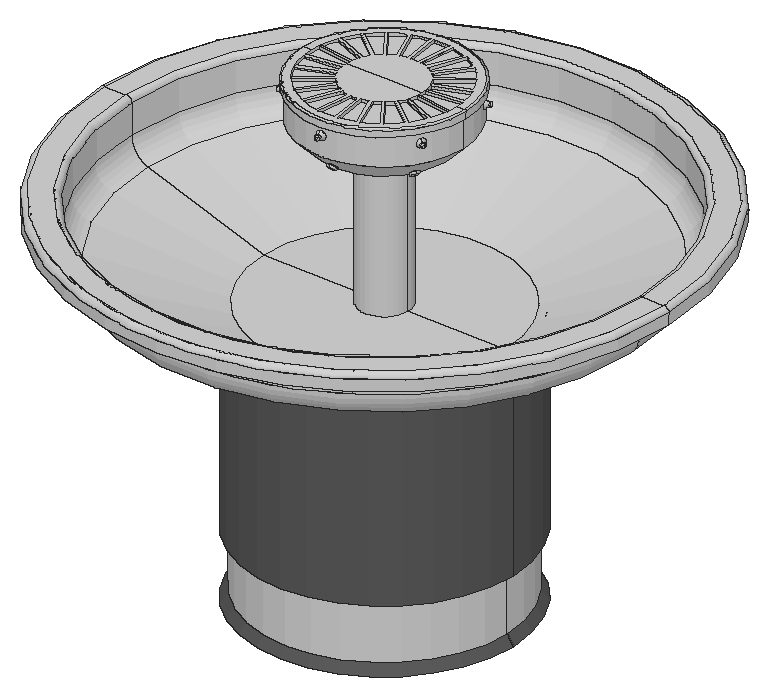
Revit family "Circular_Wash_Fountain-Six_Station-Acorn-3508DBS_Series", category Plumbing Fixtures, host Face, Revit 2021
Family settings
  Host = Face
  Round Connector Dimension = Use Diameter
  Part Type = Normal
  OmniClass Number = 23.45.05.14.14
  OmniClass Title = Sinks/Lavatories
  Cut with Voids When Loaded = No
  Shared = Yes
  Room Calculation Point = No
Parameters (values of type "3508-DBS-3-H")
  Waste Outlet Height (Dim A) = 16 1/2"  # constant formula
  Waste Connection Diameter = 2"
  Waste Connection = yes
  WFU = 3  # constant formula
  Vent Connection = no
  URL = "http://www.acorneng.com"
  Type Comments = "Island Circular, Six Station"
  TT - Top Supply; Vent Thru-Fixture = no
  TS- Single-Fold Paper Towel Dispenser = no
  TO - Top Supply; Vent Off Drain = no
  TM- C or Multi-Fold Paper Towel Dispenser = no
  ST- Single Temperature Valve = no
  SPX- 16 Gage Stainless Steel Housing = no
  SO-BAT- Sensor Operation (Batteries Not Included) = no
  SO - Sensor Operation = no
  SC - Supply Cover, Ceiling Height_______ = no
  Product Page URL = "https://www.acorneng.com/6-css-wash-fountain-3506dbs"
  Product Documentation Link = "https://www.acorneng.com/uploads/fileLibrary/3506-DBS.pdf?v=638914744064084671"
  PPZ Programmable Piezo Pushbutton Electronic Metering = no
  PDM Metering Liquid Soap Dispenser = no
  PCB Pipe Column Brace (Pipe By Others) = no
  Model = "3508-DBS-3-H"
  Minimum Operating Pressure = "A minimum of 30 PSI supply pressure is required"  # constant formula
  Material = "Stainless Steel-Acorn-Satin"
  Manufacturer = "Acorn Engineering"
  JH31 - 31" Junior Rim Height = no
  Installation Type = "Floor Mounted"  # constant formula
  Installation Instruction Link = "https://www.acorneng.com/uploads/fileLibrary/350601.pdf?v=638914744064084671"
  Inlet Connection Diameter = 1/2"
  Height = 44"  # constant formula
  HWFU = 2  # constant formula
  HW Connection = yes
  HB- Hose Bibb, Specify; Left or Right = no
  H- Hand Operation = yes
  Flow Rate = "0.5 GPM"  # constant formula
  Finish = Stainless Steel-Acorn-Satin
  F - Foot Operation = no
  EG - Enviro-Glaze Color, Bowl and Sprayhead (Specify) = no
  Dimension B = 24 1/2"
  Dimension A = 23 1/4"
  Diameter = 54"  # constant formula
  Description = "Six Station, 9 in. Deep Bowl, Circular Wash Fountain"  # constant formula
  Default Elevation = 0"
  DV- Liquid/ Lotion Soap Dispenser = no
  DP- Metering Powder Soap Dispenser = no
  CWFU = 2  # constant formula
  CW Connection = yes
  Bowl Depth = 9"
  Base Material = Galvanized Steel-Acorn-Black Vinylclad
  BT - Bottom Supply; Vent Thru-Fixture = no
  BO - Bottom Supply; Vent Off-Drain = no
  Assembly Code = "D2010600"
  3 On-Floor, Floor Outlet = yes
Types (3): name | Type Comments | Model | F - Foot Operation | Dimension B | Dimension A
  (no name) | "Island Circular, Six Station" | "3508-DBS-3-H" | no | 24 1/2" | 23 1/4"
  3508-DBS-3-H | "Island Circular, Six Station" | "3508-DBS-3-H" | no | 24 1/2" | 23 1/4"
  3508-DBS-3-H-F | "Island Circular, Six Station, Foot Operation" | "3508-DBS-3-H-F" | yes | 45 3/8" | 34 3/8"
Reference planes (in)
  plane 1 "Center (Front/Back)": y = 0
  plane 2: z = 0
  plane 3 "Center (Left/Right)": x = 0
  plane 4: z = 29.5
  plane 5: z = 34
  plane 6: z = 44
  plane 7: z = 25
  plane 8: x = -11.625
  plane 9: x = 11.625
  plane 10: x = -12.25
  plane 11: x = 12.25
  plane 12: x = -22.6875
  plane 13: x = 22.6875
  plane 14: x = 27
  plane 15: x = -27
  plane 16: z = 16.5
  plane 17: z = 16
  plane 18: y = -2
  plane 19: x = -0.625
  plane 20: x = 0.625
Forms (in)
  Extrusion 1, void
    sketch origin (0, 9.97248, 53.85296) x (0, -1, 0) y (1, 0, 0)
      loop
        arc (3.09874, 0) -> (3.10911, -0.37825) -> (3.1402, -0.75537) r 6.90126
        line (3.1402, -0.75537) -> (6.41052, -0.32482)
        arc (6.41052, -0.32482) -> (6.39591, 0.01899) -> (6.41415, 0.36264) r 3.60414
        line (6.41415, 0.36264) -> (3.14446, 0.7931)
        arc (3.14446, 0.7931) -> (3.11018, 0.39721) -> (3.09874, 0) r 6.90126
      loop
        line (16.85496, 0.79806) -> (13.58535, 0.3676)
        arc (13.58535, 0.3676) -> (13.60409, 0.01899) -> (13.58902, -0.32979) r 3.60414
        line (13.58902, -0.32979) -> (16.85925, -0.76033)
        arc (16.85925, -0.76033) -> (16.90123, 0.01898) -> (16.85496, 0.79806) r 6.90126
      loop
        line (13.55124, 0.61527) -> (16.82156, 1.04581)
        arc (16.82156, 1.04581) -> (16.66005, 1.80862) -> (16.41353, 2.54833) r 6.90126
        line (16.41353, 2.54833) -> (13.36678, 1.28633)
        arc (13.36678, 1.28633) -> (13.47524, 0.95526) -> (13.55124, 0.61527) r 3.60414
      loop
        line (13.26951, 1.51663) -> (16.31702, 2.77896)
        arc (16.31702, 2.77896) -> (15.96367, 3.47305) -> (15.53435, 4.1229) r 6.90126
        line (15.53435, 4.1229) -> (12.91807, 2.11536)
        arc (12.91807, 2.11536) -> (13.10824, 1.82448) -> (13.26951, 1.51663) r 3.60414
      loop
        line (12.7644, 2.31256) -> (15.38139, 4.32065)
        arc (15.38139, 4.32065) -> (14.86092, 4.89886) -> (14.27869, 5.41481) r 6.90126
        line (14.27869, 5.41481) -> (12.27115, 2.79853)
        arc (12.27115, 2.79853) -> (12.52947, 2.56742) -> (12.7644, 2.31256) r 3.60414
      loop
        line (12.07167, 2.94924) -> (14.07976, 5.56623)
        arc (14.07976, 5.56623) -> (13.42817, 5.98957) -> (12.73313, 6.33699) r 6.90126
        line (12.73313, 6.33699) -> (11.47112, 3.29023)
        arc (11.47112, 3.29023) -> (11.77958, 3.13415) -> (12.07167, 2.94924) r 3.60414
      loop
        line (11.23949, 3.3843) -> (12.50181, 6.43182)
        arc (12.50181, 6.43182) -> (11.76374, 6.67208) -> (11.00337, 6.82793) r 6.90126
        line (11.00337, 6.82793) -> (10.57291, 3.55832)
        arc (10.57291, 3.55832) -> (10.91037, 3.48727) -> (11.23949, 3.3843) r 3.60414
      loop
        line (10.32486, 3.58947) -> (10.7554, 6.85979)
        arc (10.7554, 6.85979) -> (9.98105, 6.90123) -> (9.20694, 6.85554) r 6.90126
        line (9.20694, 6.85554) -> (9.63741, 3.58586)
        arc (9.63741, 3.58586) -> (9.98104, 3.60409) -> (10.32486, 3.58947) r 3.60414
      loop
        line (9.38969, 3.55209) -> (8.95916, 6.82232)
        arc (8.95916, 6.82232) -> (8.20089, 6.66263) -> (7.46531, 6.41894) r 6.90126
        line (7.46531, 6.41894) -> (8.7274, 3.37199)
        arc (8.7274, 3.37199) -> (9.05425, 3.47784) -> (9.38969, 3.55209) r 3.60414
      loop
        line (8.4967, 3.27566) -> (7.23449, 6.32292)
        arc (7.23449, 6.32292) -> (6.54338, 5.97321) -> (5.89582, 5.54825) r 6.90126
        line (5.89582, 5.54825) -> (7.90357, 2.9317)
        arc (7.90357, 2.9317) -> (8.19194, 3.11781) -> (8.4967, 3.27566) r 3.60414
      loop
        line (7.70538, 2.77931) -> (5.69756, 5.39596)
        arc (5.69756, 5.39596) -> (5.12009, 4.87995) -> (4.60407, 4.30248) r 6.90126
        line (4.60407, 4.30248) -> (7.22072, 2.29466)
        arc (7.22072, 2.29466) -> (7.45151, 2.54853) -> (7.70538, 2.77931) r 3.60414
      loop
        line (7.06834, 2.09647) -> (4.45178, 4.10422)
        arc (4.45178, 4.10422) -> (4.02682, 3.45666) -> (3.6771, 2.76556) r 6.90126
        line (3.6771, 2.76556) -> (6.72436, 1.50334)
        arc (6.72436, 1.50334) -> (6.88221, 1.80811) -> (7.06834, 2.09647) r 3.60414
      loop
        line (6.62803, 1.27265) -> (3.58108, 2.53474)
        arc (3.58108, 2.53474) -> (3.33738, 1.79915) -> (3.17769, 1.04088) r 6.90126
        line (3.17769, 1.04088) -> (6.44791, 0.61035)
        arc (6.44791, 0.61035) -> (6.52217, 0.9458) -> (6.62803, 1.27265) r 3.60414
      loop
        line (6.44168, -0.57288) -> (3.17206, -1.00333)
        arc (3.17206, -1.00333) -> (3.32792, -1.76372) -> (3.56817, -2.50179) r 6.90126
        line (3.56817, -2.50179) -> (6.61569, -1.23947)
        arc (6.61569, -1.23947) -> (6.51272, -0.91034) -> (6.44168, -0.57288) r 3.60414
      loop
        line (6.70976, -1.4711) -> (3.66301, -2.73311)
        arc (3.66301, -2.73311) -> (4.01042, -3.42816) -> (4.43377, -4.07976) r 6.90126
        line (4.43377, -4.07976) -> (7.05076, -2.07167)
        arc (7.05076, -2.07167) -> (6.86584, -1.77957) -> (6.70976, -1.4711) r 3.60414
      loop
        line (7.20147, -2.27114) -> (4.58518, -4.27869)
        arc (4.58518, -4.27869) -> (5.10114, -4.86092) -> (5.67935, -5.38139) r 6.90126
        line (5.67935, -5.38139) -> (7.68744, -2.7644)
        arc (7.68744, -2.7644) -> (7.43258, -2.52947) -> (7.20147, -2.27114) r 3.60414
      loop
        line (7.88465, -2.91807) -> (5.8771, -5.53436)
        arc (5.8771, -5.53436) -> (6.52696, -5.96367) -> (7.22106, -6.31703) r 6.90126
        line (7.22106, -6.31703) -> (8.48339, -3.26951)
        arc (8.48339, -3.26951) -> (8.17554, -3.10824) -> (7.88465, -2.91807) r 3.60414
      loop
        line (8.71369, -3.36679) -> (7.45169, -6.41354)
        arc (7.45169, -6.41354) -> (8.19141, -6.66006) -> (8.95422, -6.82156) r 6.90126
        line (8.95422, -6.82156) -> (9.38476, -3.55124)
        arc (9.38476, -3.55124) -> (9.04477, -3.47525) -> (8.71369, -3.36679) r 3.60414
      loop
        line (9.63243, -3.58535) -> (9.20198, -6.85496)
        arc (9.20198, -6.85496) -> (9.98105, -6.90123) -> (10.76037, -6.85924) r 6.90126
        line (10.76037, -6.85924) -> (10.32984, -3.58902)
        arc (10.32984, -3.58902) -> (9.98105, -3.60409) -> (9.63243, -3.58535) r 3.60414
      loop
        line (10.57785, -3.55752) -> (11.00831, -6.8272)
        arc (11.00831, -6.8272) -> (11.77324, -6.66956) -> (12.51547, -6.42649) r 6.90126
        line (12.51547, -6.42649) -> (11.25325, -3.37923)
        arc (11.25325, -3.37923) -> (10.91988, -3.48478) -> (10.57785, -3.55752) r 3.60414
      loop
        line (11.48449, -3.28422) -> (12.74658, -6.33117)
        arc (12.74658, -6.33117) -> (13.44464, -5.98012) -> (14.09854, -5.55242) r 6.90126
        line (14.09854, -5.55242) -> (12.09072, -2.93577)
        arc (12.09072, -2.93577) -> (11.79608, -3.12473) -> (11.48449, -3.28422) r 3.60414
      loop
        line (12.28921, -2.78377) -> (14.29696, -5.40033)
        arc (14.29696, -5.40033) -> (14.87995, -4.87991) -> (15.40036, -4.29692) r 6.90126
        line (15.40036, -4.29692) -> (12.78381, -2.28916)
        arc (12.78381, -2.28916) -> (12.54853, -2.54849) -> (12.28921, -2.78377) r 3.60414
      loop
        line (12.9358, -2.09068) -> (15.55245, -4.0985)
        arc (15.55245, -4.0985) -> (15.98015, -3.44459) -> (16.33119, -2.74653) r 6.90126
        line (16.33119, -2.74653) -> (13.28424, -1.48445)
        arc (13.28424, -1.48445) -> (13.12476, -1.79603) -> (12.9358, -2.09068) r 3.60414
      loop
        line (13.37925, -1.2532) -> (16.42651, -2.51542)
        arc (16.42651, -2.51542) -> (16.66957, -1.7732) -> (16.82721, -1.00827) r 6.90126
        line (16.82721, -1.00827) -> (13.55753, -0.57781)
        arc (13.55753, -0.57781) -> (13.48479, -0.91983) -> (13.37925, -1.2532) r 3.60414
    from -9.85296 to -10.08144
  Revolve 2, solid, material "Stainless Steel-Acorn-Satin" <- "Finish"
    sketch origin (0, 0, 0) x (1, 0, 0) y (0, 0, 1)
      loop
        line (-24.5, 34) -> (-26.5, 34)
        arc (-26.5, 34) -> (-26.85355, 33.85355) -> (-27, 33.5) r 0.5
        line (-27, 33.5) -> (-27, 32.5) -> (-24.25, 32.5) -> (-24.25, 30.73423)
        arc (-24.25, 30.73423) -> (-23.77376, 29.26645) -> (-22.52648, 28.35788) r 2.5
        line (-22.52648, 28.35788) -> (-12.25, 25) -> (-12.25, 6) -> (-11.625, 6) -> (-11.625, 0.86517) -> (-12.25, 0) -> (0, 0) -> (0, 16.5) -> (-1, 16.5) -> (-1, 16.75) -> (0, 16.75) -> (0, 44) -> (-7.62339, 44)
        arc (-7.62339, 44) -> (-7.71177, 43.96339) -> (-7.74839, 43.875) r 0.125
        line (-7.74839, 43.875) -> (-7.74839, 43.30768) -> (-7.49839, 43.30768) -> (-7.49839, 40.64992) -> (-5.80384, 38.95537) -> (-3, 38.95537)
        arc (-3, 38.95537) -> (-2.46967, 38.7357) -> (-2.25, 38.20537) r 0.75
        line (-2.25, 38.20537) -> (-2.25, 25) -> (-11.44509, 25) -> (-22.44883, 28.59551)
        arc (-22.44883, 28.59551) -> (-23.57138, 29.41323) -> (-24, 30.73423) r 2.25
        line (-24, 30.73423) -> (-24, 33.5)
        arc (-24, 33.5) -> (-24.14645, 33.85355) -> (-24.5, 34) r 0.5
      axis (0, 44) -> (0, 0)
    angle from 0 to 360
  Revolve 3, solid, material "Stainless Steel-Acorn-Satin" <- "Finish"
    sketch origin (0, 0.07812, 0) x (0, 1, 0) y (0, 0, 1)
      loop
        line (7.75563, 42.65045) -> (7.40837, 42.85094) -> (7.24426, 42.85094) -> (7.24426, 42.44996) -> (7.99426, 42.44996) -> (7.99426, 42.58509)
        arc (7.99426, 42.58509) -> (7.97511, 42.6313) -> (7.9289, 42.65045) r 0.06536
        line (7.9289, 42.65045) -> (7.75563, 42.65045)
      axis (7.99426, 42.44996) -> (7.24426, 42.44996)
    angle from 0 to 360
  Revolve 4, solid, material "Stainless Steel-Acorn-Satin" <- "Finish"
    sketch origin (0.06766, 0.03906, 0) x (0.866025, 0.5, 0) y (0, 0, 1)
      loop
        line (7.75563, 42.65045) -> (7.40837, 42.85094) -> (7.24426, 42.85094) -> (7.24426, 42.44996) -> (7.99426, 42.44996) -> (7.99426, 42.58509)
        arc (7.99426, 42.58509) -> (7.97511, 42.6313) -> (7.9289, 42.65045) r 0.06536
        line (7.9289, 42.65045) -> (7.75563, 42.65045)
      axis (7.99426, 42.44996) -> (7.24426, 42.44996)
    angle from 0 to 360
  Revolve 5, solid, material "Stainless Steel-Acorn-Satin" <- "Finish"
    sketch origin (0.06766, -0.03906, 0) x (0.866025, -0.5, 0) y (0, 0, -1)
      loop
        line (7.75563, -42.65045) -> (7.9289, -42.65045)
        arc (7.9289, -42.65045) -> (7.97511, -42.6313) -> (7.99426, -42.58509) r 0.06536
        line (7.99426, -42.58509) -> (7.99426, -42.44996) -> (7.24426, -42.44996) -> (7.24426, -42.85094) -> (7.40837, -42.85094) -> (7.75563, -42.65045)
      axis (7.99426, -42.44996) -> (7.24426, -42.44996)
    angle from 0 to 360
  Revolve 6, solid, material "Stainless Steel-Acorn-Satin" <- "Finish"
    sketch origin (0, -0.07812, 0) x (0, -1, 0) y (0, 0, -1)
      loop
        line (7.75563, -42.65045) -> (7.9289, -42.65045)
        arc (7.9289, -42.65045) -> (7.97511, -42.6313) -> (7.99426, -42.58509) r 0.06536
        line (7.99426, -42.58509) -> (7.99426, -42.44996) -> (7.24426, -42.44996) -> (7.24426, -42.85094) -> (7.40837, -42.85094) -> (7.75563, -42.65045)
      axis (7.99426, -42.44996) -> (7.24426, -42.44996)
    angle from 0 to 360
  Revolve 7, solid, material "Stainless Steel-Acorn-Satin" <- "Finish"
    sketch origin (-0.06766, 0.03906, 0) x (-0.866025, 0.5, 0) y (0, 0, -1)
      loop
        line (7.75563, -42.65045) -> (7.9289, -42.65045)
        arc (7.9289, -42.65045) -> (7.97511, -42.6313) -> (7.99426, -42.58509) r 0.06536
        line (7.99426, -42.58509) -> (7.99426, -42.44996) -> (7.24426, -42.44996) -> (7.24426, -42.85094) -> (7.40837, -42.85094) -> (7.75563, -42.65045)
      axis (7.99426, -42.44996) -> (7.24426, -42.44996)
    angle from 0 to 360
  Revolve 8, solid, material "Stainless Steel-Acorn-Satin" <- "Finish"
    sketch origin (-0.06766, -0.03906, 0) x (-0.866025, -0.5, 0) y (0, 0, 1)
      loop
        line (7.75563, 42.65045) -> (7.40837, 42.85094) -> (7.24426, 42.85094) -> (7.24426, 42.44996) -> (7.99426, 42.44996) -> (7.99426, 42.58509)
        arc (7.99426, 42.58509) -> (7.97511, 42.6313) -> (7.9289, 42.65045) r 0.06536
        line (7.9289, 42.65045) -> (7.75563, 42.65045)
      axis (7.99426, 42.44996) -> (7.24426, 42.44996)
    angle from 0 to 360
  Revolve 9, solid, material "Stainless Steel-Acorn-Satin" <- "Finish"
    sketch origin (0, 0, 0) x (0.866025, 0.5, 0) y (0, 0, 1)
      loop
        line (5.39974, 39.99085) -> (6.28363, 39.10696) -> (6.47706, 39.30039)
        arc (6.47706, 39.30039) -> (6.5137, 39.38886) -> (6.47706, 39.47733) r 0.12511
        line (6.47706, 39.47733) -> (5.68164, 40.27274) -> (5.39974, 39.99085)
      axis (6.28363, 39.10696) -> (5.39974, 39.99085)
    angle from 0 to 360
  Revolve 10, solid, material "Stainless Steel-Acorn-Satin" <- "Finish"
    sketch origin (0, 0, 0) x (0.866025, -0.5, 0) y (0, 0, -1)
      loop
        line (5.39974, -39.99085) -> (5.68164, -40.27274) -> (6.47706, -39.47733)
        arc (6.47706, -39.47733) -> (6.5137, -39.38886) -> (6.47706, -39.30039) r 0.12511
        line (6.47706, -39.30039) -> (6.28363, -39.10696) -> (5.39974, -39.99085)
      axis (6.28363, -39.10696) -> (5.39974, -39.99085)
    angle from 0 to 360
  Revolve 11, solid, material "Stainless Steel-Acorn-Satin" <- "Finish"
    sketch origin (0, 0, 0) x (0, 1, 0) y (0, 0, 1)
      loop
        line (5.39974, 39.99085) -> (6.28363, 39.10696) -> (6.47706, 39.30039)
        arc (6.47706, 39.30039) -> (6.5137, 39.38886) -> (6.47706, 39.47733) r 0.12511
        line (6.47706, 39.47733) -> (5.68164, 40.27274) -> (5.39974, 39.99085)
      axis (6.28363, 39.10696) -> (5.39974, 39.99085)
    angle from 0 to 360
  Revolve 12, solid, material "Stainless Steel-Acorn-Satin" <- "Finish"
    sketch origin (0, 0, 0) x (0, -1, 0) y (0, 0, -1)
      loop
        line (5.39974, -39.99085) -> (5.68164, -40.27274) -> (6.47706, -39.47733)
        arc (6.47706, -39.47733) -> (6.5137, -39.38886) -> (6.47706, -39.30039) r 0.12511
        line (6.47706, -39.30039) -> (6.28363, -39.10696) -> (5.39974, -39.99085)
      axis (6.28363, -39.10696) -> (5.39974, -39.99085)
    angle from 0 to 360
  Revolve 13, solid, material "Stainless Steel-Acorn-Satin" <- "Finish"
    sketch origin (0, 0, 0) x (-0.866025, 0.5, 0) y (0, 0, -1)
      loop
        line (5.39974, -39.99085) -> (5.68164, -40.27274) -> (6.47706, -39.47733)
        arc (6.47706, -39.47733) -> (6.5137, -39.38886) -> (6.47706, -39.30039) r 0.12511
        line (6.47706, -39.30039) -> (6.28363, -39.10696) -> (5.39974, -39.99085)
      axis (6.28363, -39.10696) -> (5.39974, -39.99085)
    angle from 0 to 360
  Revolve 14, solid, material "Stainless Steel-Acorn-Satin" <- "Finish"
    sketch origin (0, 0, 0) x (-0.866025, -0.5, 0) y (0, 0, 1)
      loop
        line (5.39974, 39.99085) -> (6.28363, 39.10696) -> (6.47706, 39.30039)
        arc (6.47706, 39.30039) -> (6.5137, 39.38886) -> (6.47706, 39.47733) r 0.12511
        line (6.47706, 39.47733) -> (5.68164, 40.27274) -> (5.39974, 39.99085)
      axis (6.28363, 39.10696) -> (5.39974, 39.99085)
    angle from 0 to 360
  Revolve 15, solid, material "Galvanized Steel-Acorn-Black Vinylclad" <- "Base Material", visible <- "F - Foot Operation"
    sketch origin (0, 0, 0) x (1, 0, 0) y (0, 0, 1)
      loop
        line (-19.98437, 1) -> (-22.30245, 0.42206)
        arc (-22.30245, 0.42206) -> (-22.3847, 0.36865) -> (-22.41662, 0.27592) r 0.1506
        line (-22.41662, 0.27592) -> (-22.6926, 0) -> (0, 0) -> (0, 1) -> (-19.98437, 1)
      axis (0, 1) -> (0, 0)
    angle from 0 to 360
  Revolve 16, solid, material "Stainless Steel-Acorn-Satin" <- "Finish", visible <- "F - Foot Operation"
    sketch origin (-0.53141, 0, 3.21632) x (0.970296, 0, 0.241922) y (-0.241922, 0, 0.970296)
      loop
        line (-20.6743, 2.70611) -> (-20.6743, 2.49561) -> (-20.29386, 2.49561) -> (-20.29386, 2.57545) -> (-20.45083, 2.66608) -> (-20.45083, 2.70611) -> (-20.6743, 2.70611)
      axis (-20.6743, 2.70611) -> (-20.6743, 2.49561)
    angle from 0 to 360
  Revolve 17, solid, material "Stainless Steel-Acorn-Satin" <- "Finish", visible <- "F - Foot Operation"
    sketch origin (0.53141, 0, 3.21632) x (-0.970296, 0, 0.241922) y (-0.241922, 0, -0.970296)
      loop
        line (-20.6743, -2.70611) -> (-20.45083, -2.70611) -> (-20.45083, -2.66608) -> (-20.29386, -2.57545) -> (-20.29386, -2.49561) -> (-20.6743, -2.49561) -> (-20.6743, -2.70611)
      axis (-20.6743, -2.70611) -> (-20.6743, -2.49561)
    angle from 0 to 360
  Revolve 18, solid, material "Stainless Steel-Acorn-Satin" <- "Finish", visible <- "F - Foot Operation"
    sketch origin (-0.37577, 0.37577, 3.21632) x (0.686103, -0.686103, 0.241922) y (-0.171065, 0.171065, 0.970296)
      loop
        line (-20.6743, 2.70611) -> (-20.6743, 2.49561) -> (-20.29386, 2.49561) -> (-20.29386, 2.57545) -> (-20.45083, 2.66608) -> (-20.45083, 2.70611) -> (-20.6743, 2.70611)
      axis (-20.6743, 2.70611) -> (-20.6743, 2.49561)
    angle from 0 to 360
  Revolve 19, solid, material "Stainless Steel-Acorn-Satin" <- "Finish", visible <- "F - Foot Operation"
    sketch origin (0, 0.53141, 3.21632) x (0, -0.970296, 0.241922) y (0, -0.241922, -0.970296)
      loop
        line (-20.6743, -2.70611) -> (-20.45083, -2.70611) -> (-20.45083, -2.66608) -> (-20.29386, -2.57545) -> (-20.29386, -2.49561) -> (-20.6743, -2.49561) -> (-20.6743, -2.70611)
      axis (-20.6743, -2.70611) -> (-20.6743, -2.49561)
    angle from 0 to 360
  Revolve 20, solid, material "Stainless Steel-Acorn-Satin" <- "Finish", visible <- "F - Foot Operation"
    sketch origin (0.37577, 0.37577, 3.21632) x (-0.686103, -0.686103, 0.241922) y (-0.171065, -0.171065, -0.970296)
      loop
        line (-20.6743, -2.70611) -> (-20.45083, -2.70611) -> (-20.45083, -2.66608) -> (-20.29386, -2.57545) -> (-20.29386, -2.49561) -> (-20.6743, -2.49561) -> (-20.6743, -2.70611)
      axis (-20.6743, -2.70611) -> (-20.6743, -2.49561)
    angle from 0 to 360
  Revolve 21, solid, material "Stainless Steel-Acorn-Satin" <- "Finish", visible <- "F - Foot Operation"
    sketch origin (-0.37577, -0.37577, 3.21632) x (0.686103, 0.686103, 0.241922) y (0.171065, 0.171065, -0.970296)
      loop
        line (-20.6743, -2.70611) -> (-20.45083, -2.70611) -> (-20.45083, -2.66608) -> (-20.29386, -2.57545) -> (-20.29386, -2.49561) -> (-20.6743, -2.49561) -> (-20.6743, -2.70611)
      axis (-20.6743, -2.70611) -> (-20.6743, -2.49561)
    angle from 0 to 360
  Revolve 22, solid, material "Stainless Steel-Acorn-Satin" <- "Finish", visible <- "F - Foot Operation"
    sketch origin (0, -0.53141, 3.21632) x (0, 0.970296, 0.241922) y (0, -0.241922, 0.970296)
      loop
        line (-20.6743, 2.70611) -> (-20.6743, 2.49561) -> (-20.29386, 2.49561) -> (-20.29386, 2.57545) -> (-20.45083, 2.66608) -> (-20.45083, 2.70611) -> (-20.6743, 2.70611)
      axis (-20.6743, 2.70611) -> (-20.6743, 2.49561)
    angle from 0 to 360
  Revolve 23, solid, material "Stainless Steel-Acorn-Satin" <- "Finish", visible <- "F - Foot Operation"
    sketch origin (0.37577, -0.37577, 3.21632) x (-0.686103, 0.686103, 0.241922) y (0.171065, -0.171065, 0.970296)
      loop
        line (-20.6743, 2.70611) -> (-20.6743, 2.49561) -> (-20.29386, 2.49561) -> (-20.29386, 2.57545) -> (-20.45083, 2.66608) -> (-20.45083, 2.70611) -> (-20.6743, 2.70611)
      axis (-20.6743, 2.70611) -> (-20.6743, 2.49561)
    angle from 0 to 360
  Extrusion 24, void
    sketch origin (0, 0, 0) x (1, 0, 0) y (0, 1, 0)
      loop
        circle (-0.625, -2) r 0.25
      loop
        circle (0.625, -2) r 0.25
    from 16.125 to 16
Cuts and joins
  Extrusion 1, Extrusion 24 cuts Revolve 2
Dimensions and locks (in)
  plane 4 to plane 2 = 29 1/2"
  plane 5 to plane 2 = 34"
  "Height": plane 6 to plane 2
  "Bowl Depth": plane 5 to plane 7
  equal spacing: plane 9, plane 3 "Center (Left/Right)", plane 8
  equal spacing: plane 11, plane 3 "Center (Left/Right)", plane 10
  locked: plane 8 to plane 10 at 0.625
  equal spacing: plane 13, plane 3 "Center (Left/Right)", plane 12
  plane 13 to plane 12 = 45 3/8"
  Revolve 2 sketch curve to Revolve 2 sketch curve to Revolve 2 sketch curve to Revolve 2 sketch curve to plane 3 "Center (Left/Right)" = 1/4" locked, 1.69454" locked, 3.55384" locked, 2 1/4" locked
  locked: plane 5 to Revolve 2 sketch curve at 1.5
  "Dimension A": plane 9 to plane 8
  plane 11 to plane 10 = 24 1/2"
  equal spacing: plane 15, plane 3 "Center (Left/Right)", plane 14
  "Diameter": plane 15 to plane 14
  locked: Revolve 2 sketch curve to plane 8 at 0.17991
  Revolve 15 sketch curve to Revolve 15 sketch curve to Revolve 15 sketch curve to plane 12 = 2.31808" locked, 0.11417" locked, 0.27088" locked
  "Waste Outlet Height (Dim A)": plane 16 to level
  locked: Revolve 2 sketch curve to Revolve 2 sketch curve at 0.25
  locked: Revolve 2 sketch curve to Revolve 2 sketch curve at 1
  plane 17 to level = 16"
  plane 18 to plane 1 "Center (Front/Back)" = 2"
  locked: plane 19 to plane 20 at 1.25
  radius of Revolve 2 sketch curve = 2 1/2"
  radius of Revolve 2 sketch curve = 2 1/4"
  aligned and locked: plane 2 to host face
  aligned and locked: level to host face
  aligned and locked: Revolve 2 sketch curve to plane 3 "Center (Left/Right)"
  aligned and locked: Revolve 2 sketch curve to plane 8
  aligned and locked: plane 10 to Revolve 2 sketch curve
  aligned and locked: Revolve 15 sketch curve to plane 3 "Center (Left/Right)"
  aligned and locked: plane 3 "Center (Left/Right)" to Revolve 2 sketch curve
  aligned and locked: plane 7 to Revolve 2 sketch curve  (x3)
  aligned and locked: plane 5 to Revolve 2 sketch curve
  aligned and locked: Revolve 2 sketch curve to plane 10
  aligned and locked: plane 15 to Revolve 2 sketch curve
  aligned and locked: Revolve 2 sketch curve to plane 16
  aligned and locked: plane 18 to Extrusion 24 sketch curve  (x2)
  aligned and locked: plane 20 to Extrusion 24 sketch curve
  aligned and locked: plane 19 to Extrusion 24 sketch curve
Automatic sketch dimensions
  host sketch curve to host sketch curve = 96"  (x2)
  Extrusion 1 sketch curve to Extrusion 1 sketch curve = 0"  (x2352)
  Extrusion 1 sketch curve to plane 3 "Center (Left/Right)" = 0"
  Extrusion 1 sketch curve to plane 3 "Center (Left/Right)" = 0.75537"
  Extrusion 1 sketch curve to plane 1 "Center (Front/Back)" = 6.83228"
  plane 3 "Center (Left/Right)" to Extrusion 1 sketch curve = 0.7931"
  Extrusion 1 sketch curve to Extrusion 1 sketch curve = 0.00426"
  Extrusion 1 sketch curve to plane 3 "Center (Left/Right)" = 1.00333"
  Extrusion 1 sketch curve to Extrusion 1 sketch curve = 0.03186"
  plane 3 "Center (Left/Right)" to Extrusion 1 sketch curve = 1.04088"
  Extrusion 1 sketch curve to Extrusion 1 sketch curve = 0.03322"  (x2)
  Extrusion 1 sketch curve to plane 3 "Center (Left/Right)" = 2.50179"
  plane 3 "Center (Left/Right)" to Extrusion 1 sketch curve = 2.53474"
  Extrusion 1 sketch curve to plane 3 "Center (Left/Right)" = 2.73311"
  Extrusion 1 sketch curve to Extrusion 1 sketch curve = 0.09483"  (x2)
  plane 3 "Center (Left/Right)" to Extrusion 1 sketch curve = 2.76556"
  Extrusion 1 sketch curve to Extrusion 1 sketch curve = 0.09602"  (x2)
  Extrusion 1 sketch curve to plane 3 "Center (Left/Right)" = 4.07976"
  plane 3 "Center (Left/Right)" to Extrusion 1 sketch curve = 4.10422"
  Extrusion 1 sketch curve to Extrusion 1 sketch curve = 0.15142"  (x2)
  Extrusion 1 sketch curve to Extrusion 1 sketch curve = 0.15229"  (x2)
  Extrusion 1 sketch curve to Extrusion 1 sketch curve = 1.09417"
  Extrusion 1 sketch curve to Extrusion 1 sketch curve = 1.09349"
  Extrusion 1 sketch curve to Extrusion 1 sketch curve = 0.19775"  (x2)
  Extrusion 1 sketch curve to Extrusion 1 sketch curve = 0.19826"  (x2)
  Extrusion 1 sketch curve to plane 3 "Center (Left/Right)" = 0.32482"
  Extrusion 1 sketch curve to Extrusion 1 sketch curve = 3.27032"
  plane 3 "Center (Left/Right)" to Extrusion 1 sketch curve = 0.36264"
  Extrusion 1 sketch curve to plane 3 "Center (Left/Right)" = 0.57288"
  Extrusion 1 sketch curve to Extrusion 1 sketch curve = 0.03115"
  plane 3 "Center (Left/Right)" to Extrusion 1 sketch curve = 0.61035"
  Extrusion 1 sketch curve to Extrusion 1 sketch curve = 0.03377"
  Extrusion 1 sketch curve to plane 3 "Center (Left/Right)" = 1.23947"
  plane 3 "Center (Left/Right)" to Extrusion 1 sketch curve = 1.27265"
  Extrusion 1 sketch curve to plane 3 "Center (Left/Right)" = 1.4711"
  Extrusion 1 sketch curve to Extrusion 1 sketch curve = 0.09407"  (x2)
  plane 3 "Center (Left/Right)" to Extrusion 1 sketch curve = 1.50334"
  Extrusion 1 sketch curve to Extrusion 1 sketch curve = 0.09634"
  Extrusion 1 sketch curve to plane 3 "Center (Left/Right)" = 2.07167"
  plane 3 "Center (Left/Right)" to Extrusion 1 sketch curve = 2.09647"
  Extrusion 1 sketch curve to Extrusion 1 sketch curve = 0.15071"  (x2)
  Extrusion 1 sketch curve to Extrusion 1 sketch curve = 0.15239"
  Extrusion 1 sketch curve to Extrusion 1 sketch curve = 1.34396"
  Extrusion 1 sketch curve to Extrusion 1 sketch curve = 1.33867"
  Extrusion 1 sketch curve to Extrusion 1 sketch curve = 0.23062"
  Extrusion 1 sketch curve to Extrusion 1 sketch curve = 0.23083"
  Extrusion 1 sketch curve to Extrusion 1 sketch curve = 0.48597"
  Extrusion 1 sketch curve to Extrusion 1 sketch curve = 0.48466"
  Extrusion 1 sketch curve to Extrusion 1 sketch curve = 0.19721"  (x2)
  Extrusion 1 sketch curve to Extrusion 1 sketch curve = 0.19819"  (x2)
  Extrusion 1 sketch curve to Extrusion 1 sketch curve = 0.59874"
  Extrusion 1 sketch curve to Extrusion 1 sketch curve = 0.59313"
  Extrusion 1 sketch curve to Extrusion 1 sketch curve = 0.23031"
  Extrusion 1 sketch curve to Extrusion 1 sketch curve = 0.2307"
  Extrusion 1 sketch curve to plane 1 "Center (Front/Back)" = 1.01826"
  Extrusion 1 sketch curve to plane 1 "Center (Front/Back)" = 1.01332"
  Extrusion 1 sketch curve to Extrusion 1 sketch curve = 0.24776"
  Extrusion 1 sketch curve to Extrusion 1 sketch curve = 0.24778"
  Extrusion 1 sketch curve to plane 1 "Center (Front/Back)" = 0.58772"
  Extrusion 1 sketch curve to plane 1 "Center (Front/Back)" = 0.58279"
  Extrusion 1 sketch curve to Extrusion 1 sketch curve = 0.24767"
  Extrusion 1 sketch curve to Extrusion 1 sketch curve = 0.24771"
  plane 1 "Center (Front/Back)" to Extrusion 1 sketch curve = 0.35238"
  plane 1 "Center (Front/Back)" to Extrusion 1 sketch curve = 0.35736"
  Extrusion 1 sketch curve to Extrusion 1 sketch curve = 0.24806"
  Extrusion 1 sketch curve to Extrusion 1 sketch curve = 0.24801"
  plane 1 "Center (Front/Back)" to Extrusion 1 sketch curve = 0.78292"
  plane 1 "Center (Front/Back)" to Extrusion 1 sketch curve = 0.78789"
  Extrusion 1 sketch curve to Extrusion 1 sketch curve = 0.24796"
  Extrusion 1 sketch curve to Extrusion 1 sketch curve = 0.24794"
  Extrusion 1 sketch curve to Extrusion 1 sketch curve = 0.66658"
  Extrusion 1 sketch curve to Extrusion 1 sketch curve = 0.6754"
  Extrusion 1 sketch curve to Extrusion 1 sketch curve = 0.23163"
  Extrusion 1 sketch curve to Extrusion 1 sketch curve = 0.23124"
  Extrusion 1 sketch curve to Extrusion 1 sketch curve = 0.60055"
  Extrusion 1 sketch curve to Extrusion 1 sketch curve = 0.60623"
  Extrusion 1 sketch curve to Extrusion 1 sketch curve = 0.19947"
  Extrusion 1 sketch curve to Extrusion 1 sketch curve = 0.19849"
  Extrusion 1 sketch curve to Extrusion 1 sketch curve = 1.49845"
  Extrusion 1 sketch curve to Extrusion 1 sketch curve = 1.50715"
  Extrusion 1 sketch curve to Extrusion 1 sketch curve = 0.23132"
  Extrusion 1 sketch curve to Extrusion 1 sketch curve = 0.23111"
  Extrusion 1 sketch curve to Extrusion 1 sketch curve = 0.49325"
  Extrusion 1 sketch curve to Extrusion 1 sketch curve = 0.4946"
  Extrusion 1 sketch curve to Extrusion 1 sketch curve = 0.15367"  (x2)
  Extrusion 1 sketch curve to Extrusion 1 sketch curve = 0.15199"
  plane 3 "Center (Left/Right)" to Extrusion 1 sketch curve = 1.51663"
  Extrusion 1 sketch curve to Extrusion 1 sketch curve = 0.35144"
  Extrusion 1 sketch curve to plane 3 "Center (Left/Right)" = 1.48445"
  Extrusion 1 sketch curve to Extrusion 1 sketch curve = 0.34844"
  plane 3 "Center (Left/Right)" to Extrusion 1 sketch curve = 1.28633"
  Extrusion 1 sketch curve to Extrusion 1 sketch curve = 0.09727"  (x2)
  Extrusion 1 sketch curve to plane 3 "Center (Left/Right)" = 1.2532"
  Extrusion 1 sketch curve to Extrusion 1 sketch curve = 0.09501"  (x2)
  plane 3 "Center (Left/Right)" to Extrusion 1 sketch curve = 0.61527"
  Extrusion 1 sketch curve to plane 3 "Center (Left/Right)" = 0.57781"
  plane 3 "Center (Left/Right)" to Extrusion 1 sketch curve = 0.3676"
  Extrusion 1 sketch curve to Extrusion 1 sketch curve = 0.03411"  (x2)
  Extrusion 1 sketch curve to plane 3 "Center (Left/Right)" = 0.32979"
  Extrusion 1 sketch curve to Extrusion 1 sketch curve = 1.34663"
  Extrusion 1 sketch curve to Extrusion 1 sketch curve = 1.35197"
  Extrusion 1 sketch curve to Extrusion 1 sketch curve = 0.19893"  (x2)
  Extrusion 1 sketch curve to Extrusion 1 sketch curve = 0.19842"  (x2)
  Extrusion 1 sketch curve to Extrusion 1 sketch curve = 1.1027"
  Extrusion 1 sketch curve to Extrusion 1 sketch curve = 1.1034"
  Extrusion 1 sketch curve to Extrusion 1 sketch curve = 0.15296"  (x2)
  Extrusion 1 sketch curve to Extrusion 1 sketch curve = 0.15209"  (x2)
  plane 3 "Center (Left/Right)" to Extrusion 1 sketch curve = 2.77896"
  Extrusion 1 sketch curve to Extrusion 1 sketch curve = 0.78267"
  Extrusion 1 sketch curve to plane 3 "Center (Left/Right)" = 2.74653"
  Extrusion 1 sketch curve to Extrusion 1 sketch curve = 0.77874"
  plane 3 "Center (Left/Right)" to Extrusion 1 sketch curve = 2.54833"
  Extrusion 1 sketch curve to Extrusion 1 sketch curve = 0.09651"  (x2)
  Extrusion 1 sketch curve to plane 3 "Center (Left/Right)" = 2.51542"
  Extrusion 1 sketch curve to Extrusion 1 sketch curve = 0.09532"
  plane 3 "Center (Left/Right)" to Extrusion 1 sketch curve = 1.04581"
  Extrusion 1 sketch curve to plane 3 "Center (Left/Right)" = 1.00827"
  plane 3 "Center (Left/Right)" to Extrusion 1 sketch curve = 0.79806"
  Extrusion 1 sketch curve to Extrusion 1 sketch curve = 0.0334"  (x2)
  Extrusion 1 sketch curve to plane 3 "Center (Left/Right)" = 0.76033"
  Extrusion 1 sketch curve to Extrusion 1 sketch curve = 0.09533"
  Extrusion 1 sketch curve to Extrusion 1 sketch curve = 1.49834"
  Extrusion 1 sketch curve to Extrusion 1 sketch curve = 0.0315"
  Extrusion 1 sketch curve to Extrusion 1 sketch curve = 0.152"
  Extrusion 1 sketch curve to Extrusion 1 sketch curve = 0.15238"
  Extrusion 1 sketch curve to Extrusion 1 sketch curve = 0.09633"
  Extrusion 1 sketch curve to Extrusion 1 sketch curve = 0.03376"
  Revolve 3 sketch curve to plane 6 = 1.55004"  (x2)
  Revolve 3 sketch curve to plane 1 "Center (Front/Back)" = 7.32238"
  Revolve 3 sketch curve to Revolve 3 sketch curve = 0.16412"
  Revolve 3 sketch curve to plane 6 = 1.34955"
  Revolve 3 sketch curve to Revolve 3 sketch curve = 0.34726"
  Revolve 3 sketch curve to Revolve 3 sketch curve = 0.17326"
  Revolve 3 sketch curve to Revolve 3 sketch curve = 0.06536"
  Revolve 3 sketch curve to Revolve 3 sketch curve = 0.40098"
  Revolve 3 sketch curve to Revolve 3 sketch curve = 1.80837"
  Revolve 3 sketch curve to Revolve 3 sketch curve = 0.19163"
  Revolve 4 sketch curve to plane 6 = 1.55004"  (x2)
  Revolve 4 sketch curve to Revolve 4 sketch curve = 0.16412"
  Revolve 4 sketch curve to plane 6 = 1.34955"
  Revolve 4 sketch curve to Revolve 4 sketch curve = 0.34726"
  Revolve 4 sketch curve to Revolve 4 sketch curve = 0.17326"
  Revolve 4 sketch curve to Revolve 4 sketch curve = 0.06536"
  Revolve 4 sketch curve to Revolve 4 sketch curve = 0.40098"
  Revolve 4 sketch curve to Revolve 4 sketch curve = 1.80837"
  Revolve 4 sketch curve to Revolve 4 sketch curve = 0.19163"
  Revolve 5 sketch curve to plane 6 = 1.55004"  (x2)
  Revolve 5 sketch curve to Revolve 5 sketch curve = 0.16412"
  Revolve 5 sketch curve to plane 6 = 1.34955"
  Revolve 5 sketch curve to Revolve 5 sketch curve = 0.34726"
  Revolve 5 sketch curve to Revolve 5 sketch curve = 0.17326"
  Revolve 5 sketch curve to Revolve 5 sketch curve = 0.06536"
  Revolve 5 sketch curve to Revolve 5 sketch curve = 0.40098"
  Revolve 5 sketch curve to Revolve 5 sketch curve = 1.80837"
  Revolve 5 sketch curve to Revolve 5 sketch curve = 0.19163"
  Revolve 6 sketch curve to plane 6 = 1.55004"  (x2)
  plane 1 "Center (Front/Back)" to Revolve 6 sketch curve = 7.32238"
  Revolve 6 sketch curve to Revolve 6 sketch curve = 0.16412"
  Revolve 6 sketch curve to plane 6 = 1.34955"
  Revolve 6 sketch curve to Revolve 6 sketch curve = 0.34726"
  Revolve 6 sketch curve to Revolve 6 sketch curve = 0.17326"
  Revolve 6 sketch curve to Revolve 6 sketch curve = 0.06536"
  Revolve 6 sketch curve to Revolve 6 sketch curve = 0.40098"
  Revolve 6 sketch curve to Revolve 6 sketch curve = 1.80837"
  Revolve 6 sketch curve to Revolve 6 sketch curve = 0.19163"
  Revolve 7 sketch curve to plane 6 = 1.55004"  (x2)
  Revolve 7 sketch curve to Revolve 7 sketch curve = 0.16412"
  Revolve 7 sketch curve to plane 6 = 1.34955"
  Revolve 7 sketch curve to Revolve 7 sketch curve = 0.34726"
  Revolve 7 sketch curve to Revolve 7 sketch curve = 0.17326"
  Revolve 7 sketch curve to Revolve 7 sketch curve = 0.06536"
  Revolve 7 sketch curve to Revolve 7 sketch curve = 0.40098"
  Revolve 7 sketch curve to Revolve 7 sketch curve = 1.80837"
  Revolve 7 sketch curve to Revolve 7 sketch curve = 0.19163"
  Revolve 8 sketch curve to plane 6 = 1.55004"  (x2)
  Revolve 8 sketch curve to Revolve 8 sketch curve = 0.16412"
  Revolve 8 sketch curve to plane 6 = 1.34955"
  Revolve 8 sketch curve to Revolve 8 sketch curve = 0.34726"
  Revolve 8 sketch curve to Revolve 8 sketch curve = 0.17326"
  Revolve 8 sketch curve to Revolve 8 sketch curve = 0.06536"
  Revolve 8 sketch curve to Revolve 8 sketch curve = 0.40098"
  Revolve 8 sketch curve to Revolve 8 sketch curve = 1.80837"
  Revolve 8 sketch curve to Revolve 8 sketch curve = 0.19163"
  Revolve 9 sketch curve to plane 6 = 4.00915"
  Revolve 9 sketch curve to plane 6 = 3.72726"
  Revolve 9 sketch curve to Revolve 9 sketch curve = 0.2819"
  Revolve 9 sketch curve to plane 6 = 4.89304"  (x2)
  Revolve 9 sketch curve to Revolve 9 sketch curve = 0.10497"
  Revolve 9 sketch curve to plane 6 = 4.69961"
  Revolve 9 sketch curve to plane 6 = 4.52267"
  Revolve 9 sketch curve to plane 6 = 3.83238"
  Revolve 9 sketch curve to Revolve 9 sketch curve = 0.17678"
  Revolve 9 sketch curve to Revolve 9 sketch curve = 0"
  Revolve 10 sketch curve to plane 6 = 4.00915"
  Revolve 10 sketch curve to plane 6 = 3.72726"
  Revolve 10 sketch curve to Revolve 10 sketch curve = 0.2819"
  Revolve 10 sketch curve to plane 6 = 4.89304"  (x2)
  Revolve 10 sketch curve to Revolve 10 sketch curve = 0.10497"
  Revolve 10 sketch curve to plane 6 = 4.69961"
  Revolve 10 sketch curve to plane 6 = 4.52267"
  Revolve 10 sketch curve to plane 6 = 3.83238"
  Revolve 10 sketch curve to Revolve 10 sketch curve = 0.17678"
  Revolve 10 sketch curve to Revolve 10 sketch curve = 0"
  Revolve 11 sketch curve to plane 1 "Center (Front/Back)" = 5.39974"
  Revolve 11 sketch curve to plane 6 = 3.72726"
  Revolve 11 sketch curve to Revolve 11 sketch curve = 0.2819"
  Revolve 11 sketch curve to Revolve 11 sketch curve = 0.88388"
  Revolve 11 sketch curve to Revolve 11 sketch curve = 0.10497"
  Revolve 11 sketch curve to plane 6 = 4.69961"
  Revolve 11 sketch curve to Revolve 11 sketch curve = 0.08847"
  Revolve 11 sketch curve to plane 6 = 4.52267"
  Revolve 11 sketch curve to Revolve 11 sketch curve = 0.17678"  (x2)
  Revolve 11 sketch curve to Revolve 11 sketch curve = 0"  (x2)
  plane 1 "Center (Front/Back)" to Revolve 12 sketch curve = 5.39974"
  Revolve 12 sketch curve to plane 6 = 3.72726"
  Revolve 12 sketch curve to Revolve 12 sketch curve = 0.2819"
  Revolve 12 sketch curve to Revolve 12 sketch curve = 0.88388"
  Revolve 12 sketch curve to Revolve 12 sketch curve = 0.10497"
  Revolve 12 sketch curve to plane 6 = 4.69961"
  Revolve 12 sketch curve to Revolve 12 sketch curve = 0.08847"
  Revolve 12 sketch curve to plane 6 = 4.52267"
  Revolve 12 sketch curve to Revolve 12 sketch curve = 0.17678"  (x2)
  Revolve 12 sketch curve to Revolve 12 sketch curve = 0"  (x2)
  Revolve 13 sketch curve to plane 6 = 4.00915"
  Revolve 13 sketch curve to plane 6 = 3.72726"
  Revolve 13 sketch curve to Revolve 13 sketch curve = 0.2819"
  Revolve 13 sketch curve to plane 6 = 4.89304"  (x2)
  Revolve 13 sketch curve to Revolve 13 sketch curve = 0.10497"
  Revolve 13 sketch curve to plane 6 = 4.69961"
  Revolve 13 sketch curve to plane 6 = 4.52267"
  Revolve 13 sketch curve to plane 6 = 3.83238"
  Revolve 13 sketch curve to Revolve 13 sketch curve = 0.17678"
  Revolve 13 sketch curve to Revolve 13 sketch curve = 0"
  Revolve 14 sketch curve to plane 6 = 4.00915"
  Revolve 14 sketch curve to plane 6 = 3.72726"
  Revolve 14 sketch curve to Revolve 14 sketch curve = 0.2819"
  Revolve 14 sketch curve to plane 6 = 4.89304"  (x2)
  Revolve 14 sketch curve to Revolve 14 sketch curve = 0.10497"
  Revolve 14 sketch curve to plane 6 = 4.69961"
  Revolve 14 sketch curve to plane 6 = 4.52267"
  Revolve 14 sketch curve to plane 6 = 3.83238"
  Revolve 14 sketch curve to Revolve 14 sketch curve = 0.17678"
  Revolve 14 sketch curve to Revolve 14 sketch curve = 0"
  Revolve 15 sketch curve to level = 0"
  Revolve 15 sketch curve to plane 3 "Center (Left/Right)" = 0"
  level to Revolve 15 sketch curve = 1"
  Revolve 15 sketch curve to Revolve 15 sketch curve = 0.03643"
  Revolve 15 sketch curve to plane 12 = 0.0051"
  level to Revolve 15 sketch curve = 0.27592"
  Revolve 15 sketch curve to Revolve 15 sketch curve = 0"
  Revolve 15 sketch curve to Revolve 15 sketch curve = 9"
  Revolve 15 sketch curve to Revolve 15 sketch curve = 10"
  level to Revolve 16 sketch curve = 0.84048"
  plane 12 to Revolve 16 sketch curve = 1.44124"
  Revolve 16 sketch curve to Revolve 16 sketch curve = 0.22346"
  Revolve 16 sketch curve to Revolve 16 sketch curve = 0.15697"
  Revolve 16 sketch curve to Revolve 16 sketch curve = 0.04003"
  Revolve 16 sketch curve to Revolve 16 sketch curve = 0.09063"
  Revolve 16 sketch curve to Revolve 16 sketch curve = 0.2105"
  Revolve 16 sketch curve to Revolve 16 sketch curve = 0"
  Revolve 16 sketch curve to Revolve 16 sketch curve = 0.03548"
  Revolve 16 sketch curve to Revolve 16 sketch curve = 0.40084"
  level to Revolve 17 sketch curve = 0.84048"
  plane 13 to Revolve 17 sketch curve = 1.44124"
  Revolve 17 sketch curve to Revolve 17 sketch curve = 0.22346"
  Revolve 17 sketch curve to Revolve 17 sketch curve = 0.15697"
  Revolve 17 sketch curve to Revolve 17 sketch curve = 0.04003"
  Revolve 17 sketch curve to Revolve 17 sketch curve = 0.09063"
  Revolve 17 sketch curve to Revolve 17 sketch curve = 0.2105"
  Revolve 17 sketch curve to Revolve 17 sketch curve = 0"
  Revolve 17 sketch curve to Revolve 17 sketch curve = 0.40084"
  Revolve 17 sketch curve to Revolve 17 sketch curve = 0.03548"
  level to Revolve 18 sketch curve = 0.84048"
  Revolve 18 sketch curve to Revolve 18 sketch curve = 0.22346"
  Revolve 18 sketch curve to Revolve 18 sketch curve = 0.15697"
  Revolve 18 sketch curve to Revolve 18 sketch curve = 0.04003"
  Revolve 18 sketch curve to Revolve 18 sketch curve = 0.09063"
  Revolve 18 sketch curve to Revolve 18 sketch curve = 0.2105"
  Revolve 18 sketch curve to Revolve 18 sketch curve = 0"
  Revolve 18 sketch curve to Revolve 18 sketch curve = 0.03548"
  Revolve 18 sketch curve to Revolve 18 sketch curve = 0.40084"
  level to Revolve 19 sketch curve = 0.84048"
  Revolve 19 sketch curve to plane 1 "Center (Front/Back)" = 21.24626"
  Revolve 19 sketch curve to Revolve 19 sketch curve = 0.22346"
  Revolve 19 sketch curve to Revolve 19 sketch curve = 0.15697"
  Revolve 19 sketch curve to Revolve 19 sketch curve = 0.04003"
  Revolve 19 sketch curve to Revolve 19 sketch curve = 0.09063"
  Revolve 19 sketch curve to Revolve 19 sketch curve = 0.2105"
  Revolve 19 sketch curve to Revolve 19 sketch curve = 0"
  Revolve 19 sketch curve to Revolve 19 sketch curve = 0.40084"
  Revolve 19 sketch curve to Revolve 19 sketch curve = 0.03548"
  level to Revolve 20 sketch curve = 0.84048"
  Revolve 20 sketch curve to Revolve 20 sketch curve = 0.22346"
  Revolve 20 sketch curve to Revolve 20 sketch curve = 0.15697"
  Revolve 20 sketch curve to Revolve 20 sketch curve = 0.04003"
  Revolve 20 sketch curve to Revolve 20 sketch curve = 0.09063"
  Revolve 20 sketch curve to Revolve 20 sketch curve = 0.2105"
  Revolve 20 sketch curve to Revolve 20 sketch curve = 0"
  Revolve 20 sketch curve to Revolve 20 sketch curve = 0.40084"
  Revolve 20 sketch curve to Revolve 20 sketch curve = 0.03548"
  level to Revolve 21 sketch curve = 0.84048"
  Revolve 21 sketch curve to Revolve 21 sketch curve = 0.22346"
  Revolve 21 sketch curve to Revolve 21 sketch curve = 0.15697"
  Revolve 21 sketch curve to Revolve 21 sketch curve = 0.04003"
  Revolve 21 sketch curve to Revolve 21 sketch curve = 0.09063"
  Revolve 21 sketch curve to Revolve 21 sketch curve = 0.2105"
  Revolve 21 sketch curve to Revolve 21 sketch curve = 0"
  Revolve 21 sketch curve to Revolve 21 sketch curve = 0.40084"
  Revolve 21 sketch curve to Revolve 21 sketch curve = 0.03548"
  level to Revolve 22 sketch curve = 0.84048"
  plane 1 "Center (Front/Back)" to Revolve 22 sketch curve = 21.24626"
  Revolve 22 sketch curve to Revolve 22 sketch curve = 0.22346"
  Revolve 22 sketch curve to Revolve 22 sketch curve = 0.15697"
  Revolve 22 sketch curve to Revolve 22 sketch curve = 0.04003"
  Revolve 22 sketch curve to Revolve 22 sketch curve = 0.09063"
  Revolve 22 sketch curve to Revolve 22 sketch curve = 0.2105"
  Revolve 22 sketch curve to Revolve 22 sketch curve = 0"
  Revolve 22 sketch curve to Revolve 22 sketch curve = 0.03548"
  Revolve 22 sketch curve to Revolve 22 sketch curve = 0.40084"
  level to Revolve 23 sketch curve = 0.84048"
  Revolve 23 sketch curve to Revolve 23 sketch curve = 0.22346"
  Revolve 23 sketch curve to Revolve 23 sketch curve = 0.15697"
  Revolve 23 sketch curve to Revolve 23 sketch curve = 0.04003"
  Revolve 23 sketch curve to Revolve 23 sketch curve = 0.09063"
  Revolve 23 sketch curve to Revolve 23 sketch curve = 0.2105"
  Revolve 23 sketch curve to Revolve 23 sketch curve = 0"
  Revolve 23 sketch curve to Revolve 23 sketch curve = 0.03548"
  Revolve 23 sketch curve to Revolve 23 sketch curve = 0.40084"
  Revolve 2 sketch curve to Revolve 2 sketch curve = 0"  (x2)
  Revolve 2 sketch curve to plane 6 = 0"
  Revolve 2 sketch curve to level = 0"
  Revolve 2 sketch curve to plane 5 = 1/2"  (x2)
  Revolve 2 sketch curve to plane 12 = 1 13/16"
  plane 12 to Revolve 2 sketch curve = 0.16102"
  Revolve 2 sketch curve to plane 6 = 1/8"
  Revolve 2 sketch curve to Revolve 2 sketch curve = 3/4"
  level to Revolve 2 sketch curve = 0.86517"
  Revolve 2 sketch curve to Revolve 2 sketch curve = 5.13483"
  plane 5 to Revolve 2 sketch curve = 4.20537"
  Revolve 2 sketch curve to Revolve 2 sketch curve = 1.69454"
  Revolve 2 sketch curve to Revolve 2 sketch curve = 0.56732"
  Revolve 2 sketch curve to plane 16 = 5 1/2"
  Revolve 2 sketch curve to plane 7 = 3"
  Revolve 2 sketch curve to plane 3 "Center (Left/Right)" = 0"
  radius of Extrusion 24 sketch curve = 1/4"  (x2)
Connectors (in)
  piping at (0, 0, 16.5), diameter 2, driven by "Waste Connection Diameter", driven by "WFU"
    settings: on cut or joined group of Extrusion 1, Revolve 2, Extrusion 24, index 3, connector inside diameter 24", connector length 0", flow factor 0, pipe flow 0 GPM, pressure drop 0.00 psi, fitting loss kfactor 0, connector angle 0.00°, fixture units 3, engagement length 0", angle of deflection 0.00°, flow configuration 3, flow direction 2, fitting loss method 0, system type 16, joint type 0, gender type 0, connector reference index -1, connector utility 0, adjustable connector no, is connector primary yes, connector description "2\" Waste Outlet Connection"
  piping at (-0.625, -2, 16), diameter 0.5, driven by "Inlet Connection Diameter", driven by "HWFU"
    settings: on cut or joined group of Extrusion 1, Revolve 2, Extrusion 24, index 4, connector inside diameter 24", connector length 0", flow factor 0, pipe flow 0 GPM, pressure drop 0.00 psi, fitting loss kfactor 0, connector angle 0.00°, fixture units 2, engagement length 0", angle of deflection 0.00°, flow configuration 3, flow direction 1, fitting loss method 0, system type 19, joint type 0, gender type 0, connector reference index -1, connector utility 0, adjustable connector no, is connector primary no, connector description "1/2\" NPT HW Inlet Connection"
  piping at (0.625, -2, 16), diameter 0.5, driven by "Inlet Connection Diameter", driven by "CWFU"
    settings: on cut or joined group of Extrusion 1, Revolve 2, Extrusion 24, index 6, connector inside diameter 24", connector length 0", flow factor 0, pipe flow 0 GPM, pressure drop 0.00 psi, fitting loss kfactor 0, connector angle 0.00°, fixture units 2, engagement length 0", angle of deflection 0.00°, flow configuration 3, flow direction 1, fitting loss method 0, system type 20, joint type 0, gender type 0, connector reference index -1, connector utility 0, adjustable connector no, is connector primary no, connector description "1/2\" NPT CW Inlet Connection"
